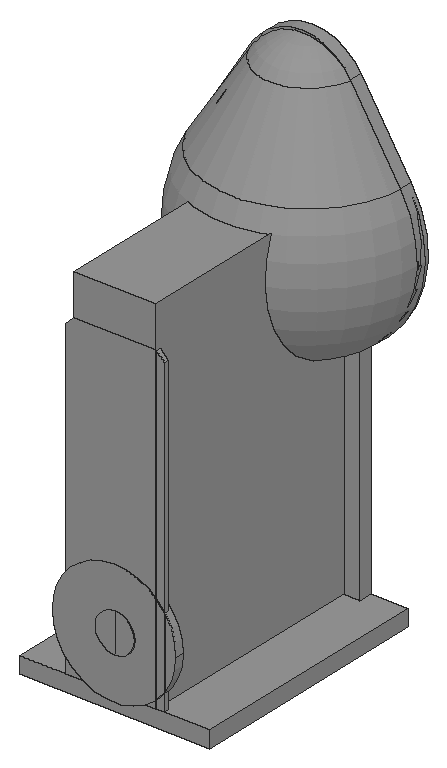
Revit family "Toilet-Willoughby-ETF-1490-FM-FA-TS", category Plumbing Fixtures, Revit 2015
Parameters (values of type "Standard")
  Waste DIA = 2 3/8"
  Waste Connection = yes
  W-RAD [instance] = Waste DIA / 2  # 0' - 1 3/16"
  Vent Connection = no
  URL = "https://www.willoughby-ind.com/wp-content/uploads/2018/01/ETF-1490-FM-FA.pdf"
  Type Comments = ""
  Revision = "A"
  Model = "ETF-1490-FM-FA-TS"
  Manufacturer = "Willoughby Industries"
  HW Connection = no
  Flush inlet DIA = 1 1/2"
  Fixture Body = Stainless Steel AISI 304-Willoughby
  F-RAD [instance] = Flush inlet DIA / 2  # 0' - 0 3/4"
  Description = "Floor Outlet, Floor Mounted Toilet, Front Access, Top Spud"
  Default Elevation = 0' - 0"
  Contact Number = "(800) 428-4065"
  CW Connection = yes
Reference planes (in)
  plane 1 "Base": y = -16.25
  plane 2: z = 0
  plane 3 "Center": x = 18.31072
  plane 4 "Waste height": y = -4.75
  plane 5: y = -1.25
  plane 6: z = -6.75
  plane 7: y = -2.125
  plane 8: y = -14.0625
  plane 9: y = 0.5
  plane 10: x = 16.56072
  plane 11: x = 20.06072
  plane 12: x = 11.56072
  plane 13: x = 25.06072
  plane 14: z = 23
  plane 15: z = 30.75
  plane 16: x = 15.81072
  plane 17: x = 20.81072
  plane 18: x = 15.81072
  plane 19: x = 20.81072
  plane 20: z = 4.25
  plane 21: x = 12.56072
  plane 22: x = 24.06072
  plane 23: z = 2.75
Forms (in)
  Extrusion 1, solid, material "Stainless Steel AISI 304-Willoughby" <- "Fixture Body"
    sketch origin (16.08109, 7.47968, -2.20225) x (-1, 0, 0) y (0, 0, -1)
      loop
        line (1.29775, -16.80087) -> (1.29775, -3.20225) -> (-5.72963, -3.20225) -> (-5.72963, -16.81676)
        arc (-5.72963, -16.81676) -> (-8.98136, -21.11843) -> (-8.21015, -26.45542) r 7
        line (-8.21015, -26.45542) -> (-5.16818, -31.31054)
        arc (-5.16818, -31.31054) -> (-2.20225, -32.95225) -> (0.76368, -31.31054) r 3.5
        line (0.76368, -31.31054) -> (3.80565, -26.45542)
        arc (3.80565, -26.45542) -> (4.5729, -21.10311) -> (1.29775, -16.80087) r 7
      loop
        arc (2.03989, -24.70557) -> (-2.20225, -18.23804) -> (-6.44438, -24.70557) r 4.625
        line (-6.44438, -24.70557) -> (-4.04125, -30.23842)
        arc (-4.04125, -30.23842) -> (-2.20225, -31.45225) -> (-0.36324, -30.23842) r 2
        line (-0.36324, -30.23842) -> (2.03989, -24.70557)
    from 8.72968 to 9.5
  Revolve 2, solid, material "Stainless Steel AISI 304-Willoughby" <- "Fixture Body"
    sketch origin (19.37246, -1.52032, 1.00169) x (-1, 0, 0) y (0, 0, -1)
      loop
        line (1.06174, -12.59906) -> (1.06174, -12.84906)
        arc (1.06174, -12.84906) -> (6.91177, -17.54136) -> (5.58904, -24.92315) r 7.34171
        line (5.58904, -24.92315) -> (3.81535, -27.91457)
        arc (3.81535, -27.91457) -> (2.63527, -29.03194) -> (1.06174, -29.43826) r 3.25
        line (1.06174, -29.43826) -> (1.06174, -29.68826)
        arc (1.06174, -29.68826) -> (2.75672, -29.25045) -> (4.02767, -28.04656) r 3.5
        line (4.02767, -28.04656) -> (7.06964, -23.19143)
        arc (7.06964, -23.19143) -> (7.15052, -16.14555) -> (1.06174, -12.59906) r 7
      axis (1.06174, -12.59906) -> (1.06174, -29.68826)
    angle from 0 to -180
  Extrusion 3, solid, material "Stainless Steel AISI 304-Willoughby" <- "Fixture Body"
    sketch origin (19.53334, -3.02032, -4.9508) x (0, 1, 0) y (0, 0, 1)
      loop
        line (-4.42257, 4.9508) -> (1.02643, 4.9508) -> (1.02643, 18.97156)
        arc (1.02643, 18.97156) -> (-2.31062, 20.32275) -> (-4.42257, 23.23845) r 6.52287
        line (-4.42257, 23.23845) -> (-4.42257, 4.9508)
    from 1.27686 to -3.72262
  Extrusion 4, solid, material "Stainless Steel AISI 304-Willoughby" <- "Fixture Body"
    sketch origin (0, -16.25, 0) x (1, 0, 0) y (0, 0, 1)
      loop
        line (24.06072, 0) -> (24.06072, 1) -> (12.56072, 1) -> (12.56072, 0) -> (24.06072, 0)
    from -15 to 0
  Extrusion 5, solid, material "Stainless Steel AISI 304-Willoughby" <- "Fixture Body"
    sketch origin (0, -16.25, 0) x (1, 0, 0) y (0, 0, 1)
      loop
        line (20.81072, 0) -> (20.81072, 23) -> (15.81072, 23) -> (15.81072, 0) -> (20.81072, 0)
    from 0 to -8.80711
  Revolve 6, solid, material "Stainless Steel AISI 304-Willoughby" <- "Fixture Body"
    sketch origin (18.31072, 0, 0) x (0, 1, 0) y (0, 0, 1)
      loop
        line (-16.25195, 4.25) -> (-14.75, 4.25) -> (-14.75, 5.4375) -> (-16.25195, 5.4375) -> (-16.25195, 4.25)
      axis (-14.75, 4.25) -> (-16.25195, 4.25)
    angle from 0 to 360
  Revolve 7, solid, material "Stainless Steel AISI 304-Willoughby" <- "Fixture Body"
    sketch origin (18.31072, 0, 0) x (0, 1, 0) y (0, 0, 1)
      loop
        line (-1.25011, 2.75) -> (-1.25011, 3.5) -> (-3, 3.5) -> (-3, 2.75) -> (-1.25011, 2.75)
      axis (-1.25011, 2.75) -> (-3, 2.75)
    angle from 0 to 360
  Extrusion 8, solid, material "Stainless Steel AISI 304-Willoughby" <- "Fixture Body"
    sketch origin (0, -16.25, 0) x (1, 0, 0) y (0, 0, 1)
      loop
        circle (18.26817, 4.22179) r 3.75
    from 0 to -0.5
  Extrusion 9, solid, material "Stainless Steel AISI 304-Willoughby" <- "Fixture Body"
    sketch origin (0, -16.25, 0) x (1, 0, 0) y (0, 0, 1)
      loop
        line (20.81072, 1) -> (21.31072, 1) -> (21.31072, 20) -> (20.81072, 20.5) -> (15.81072, 20.5) -> (15.31072, 20) -> (15.31072, 1) -> (15.81072, 1) -> (20.81072, 1)
    from 0 to -0.25
Cuts and joins
  joined: Extrusion 1, Extrusion 3, Extrusion 4, Extrusion 5
Lines and regions (in)
  model lines, detail levels coarse+medium
    curve 1: line (13.81072, -16.25, 0) -> (22.81072, -16.25, 0)
    curve 2: line (22.81072, -16.25, 1) -> (13.81072, -16.25, 1)
  symbolic lines, style "PlumbingFixtures"
    curve 3: line (18.31072, -1.25, 5) -> (18.31072, -1.25, 25.81005)
  symbolic lines
    curve 4: line (11.28334, -1.25, 0) -> (25.28334, -1.25, 0)
    curve 5: line (25.28334, -1.25, 0) -> (25.28334, -2.02032, 0)
    curve 6: line (11.28334, -1.25, 0) -> (11.28334, -2.02032, 0)
    curve 7: arc (11.28334, -2.02032, 0) -> (13.53774, -6.64732, 0) -> (18.31072, -8.57346, 0) r 7.17351
    curve 8: arc (18.31072, -8.57346, 0) -> (23.07813, -6.66, 0) -> (25.28334, -2.02032, 0) r 7.05363
    curve 9: line (15.81072, -8.07914, 0) -> (15.81072, -15.75, 0)
    curve 10: line (12.56072, -5.52527, 0) -> (12.56072, -16.25, 0)
    curve 11: line (12.56072, -16.25, 0) -> (24.06072, -16.25, 0)
    curve 12: line (24.06072, -16.25, 0) -> (24.06072, -5.51508, 0)
    curve 13: line (20.81072, -8.09152, 0) -> (20.81072, -16.25, 0)
    curve 14: line (12.56072, -16.25, 0) -> (24.06072, -16.25, 0)
    curve 15: line (24.06072, -16.25, 0) -> (24.06072, -16.25, 1)
    curve 16: line (24.06072, -16.25, 1) -> (21.81072, -16.25, 1)
    curve 17: line (21.81072, -16.25, 1) -> (21.81072, -16.25, 14.61451)
    curve 18: line (14.78334, -16.25, 14.59862) -> (14.78334, -16.25, 1)
    curve 19: line (14.78334, -16.25, 1) -> (12.56072, -16.25, 1)
    curve 20: line (12.56072, -16.25, 1) -> (12.56072, -16.25, 0)
    curve 21: arc (21.81072, -16.25, 14.61451) -> (25.06245, -16.25, 18.91618) -> (24.29124, -16.25, 24.25317) r 7
    curve 22: line (24.29124, -16.25, 24.25317) -> (21.24927, -16.25, 29.1083)
    curve 23: arc (21.24927, -16.25, 29.1083) -> (18.28334, -16.25, 30.75) -> (15.31741, -16.25, 29.1083) r 3.5
    curve 24: line (15.31741, -16.25, 29.1083) -> (12.35249, -16.25, 24.379)
    curve 25: arc (12.35249, -16.25, 24.379) -> (11.49002, -16.25, 18.97236) -> (14.78334, -16.25, 14.59862) r 7
    curve 30: line (18.31072, -1.25, 0) -> (18.31072, -1.25, 30.75)
    curve 31: line (18.31072, -1.25, 30.75) -> (18.31072, -2.02032, 30.75)
    curve 32: arc (18.31072, -2.02032, 30.75) -> (18.31072, -3.19741, 30.282) -> (18.31072, -4.16324, 29.4624) r 3.9118
    curve 33: line (18.31072, -4.16324, 29.4624) -> (18.31072, -7.52822, 24.19312)
    curve 34: arc (18.31072, -7.52822, 24.19312) -> (18.31072, -7.84583, 23.61494) -> (18.31072, -8.08458, 23) r 5.00151
    curve 35: line (18.31072, -7.5932, 23) -> (18.31072, -16.25, 23)
    curve 36: line (18.31072, -16.25, 23) -> (18.31072, -16.25, 0)
    curve 37: line (18.31072, -16.25, 0) -> (18.31072, -1.25, 0)
    curve 38: line (18.31072, -2.125, 0) -> (18.31072, -2.125, 14)
    curve 39: arc (18.31072, -2.125, 14) -> (18.31072, -7.03014, 17.18092) -> (18.31072, -7.5932, 23) r 6.72716
    curve 40: arc (21.81072, -16.25, 5.45177) -> (22.01817, -16.25, 4.22179) -> (21.81072, -16.25, 2.99181) r 3.75
    curve 41: arc (14.78334, -16.25, 5.60687) -> (14.51817, -16.25, 4.22179) -> (14.78334, -16.25, 2.83672) r 3.75
  symbolic lines, detail levels fine
    curve 26: arc (14.0412, -16.25, 22.50332) -> (18.28334, -16.25, 16.0358) -> (22.52547, -16.25, 22.50332) r 4.625
    curve 27: line (22.52547, -16.25, 22.50332) -> (20.12234, -16.25, 28.03617)
    curve 28: arc (20.12234, -16.25, 28.03617) -> (18.28334, -16.25, 29.2424) -> (16.44433, -16.25, 28.03617) r 2.00498
    curve 29: line (16.44433, -16.25, 28.03617) -> (14.0412, -16.25, 22.50332)
Dimensions and locks (in)
  plane 1 "Base" to plane 5 = 1' - 3"
  level to plane 15 = 2' - 6 3/4"
  plane 21 to plane 22 = 0' - 11 1/2"  (x2)
  plane 13 to plane 22 = 0' - 1"
  level to plane 20 = 0' - 4 1/4"
  plane 21 to plane 3 "Center" = 0' - 5 3/4"
  level to plane 23 = 0' - 2 3/4"
  plane 18 to plane 19 = 0' - 5"
Connectors (in)
  piping at (18.31072, -16.25195, 4.25), diameter 2.375, driven by "W-RAD", driven by "Waste Connection"
    settings: on Revolve 6, index 4, connector inside diameter 24", connector length 0' - 0", flow factor 0, pipe flow 0 GPM, pressure drop 0.00 psi, fitting loss kfactor 0, connector angle 0.00°, fixture units 0, engagement length 0' - 0", angle of deflection 0.00°, flow configuration 0, flow direction 2, fitting loss method 0, system type 16, joint type 0, gender type 0, connector reference index -1, connector utility 1, adjustable connector no, is connector primary yes, connector description "Toilet Waste"
  piping at (18.31072, -1.25011, 2.75), diameter 1.5, driven by "F-RAD", driven by "CW Connection"
    settings: on Revolve 7, index 5, connector inside diameter 24", connector length 0' - 0", flow factor 0, pipe flow 0 GPM, pressure drop 0.00 psi, fitting loss kfactor 0, connector angle 0.00°, fixture units 0, engagement length 0' - 0", angle of deflection 0.00°, flow configuration 0, flow direction 1, fitting loss method 0, system type 20, joint type 0, gender type 0, connector reference index -1, connector utility 1, adjustable connector no, is connector primary no, connector description "Flush Inlet"
